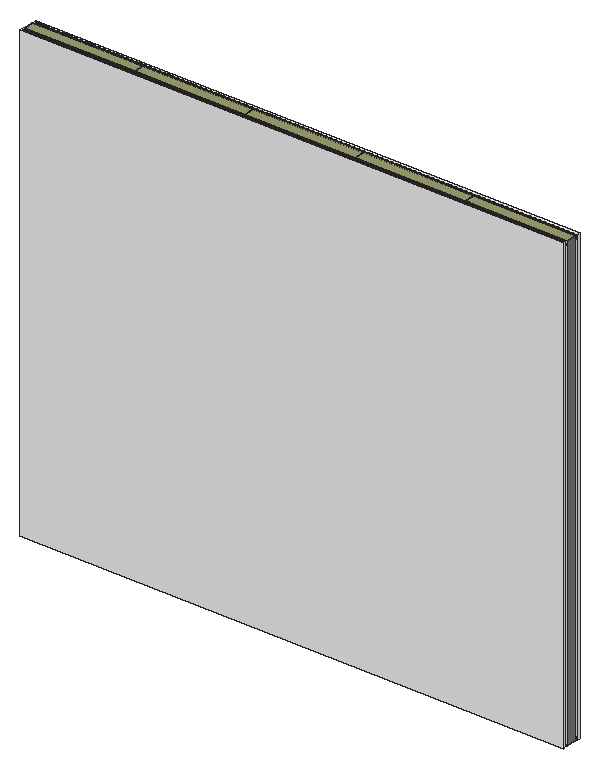
Revit family "NoiseBREAK (R1.7)", category Structural Stiffeners, Revit 2020
Family settings
  OmniClass Number = 23.25.30.11.27
  OmniClass Title = Vibration and Earthquake Controls
  Cut with Voids When Loaded = No
  Shared = No
Parameters (values of type "R1.7- NoiseBREAK")
  URL = "www.ecowool.com.my"
  U-Value W/m2k = 0 mm
  U Value Report = ""
  Typical weight of ECOWOOL-Kg/M2 = 0 mm
  Type of Insulation = "Glass Mineral Wool Blanket with vapour barrier"
  Total System Thickness-mm = 60 mm
  Thermal R Value = 1.7
  Thermal K Value = 0.0342
  SubW [instance] = roundup([built-in parameter 1001306] / 609 mm) * 609 mm  # 3045 mm
  SubL [instance] = if([built-in parameter 1001306] > 1218 mm, No Insulation * 609 mm, if([built-in parameter 1001306] > 609 mm, 609 mm, if([built-in parameter 1001306] > 0 mm, 0 mm, No Insulation * 609 mm))) + 1 mm  # 2437 mm
  Remarks = ""
  No Metal Stud [instance] = ([built-in parameter 1001306] / [Metal Stud Spacer (mm)])  # 5
  No Insulation [instance] = roundup(SubW / 609 mm) - 1  # 4
  Model = "NoiseBREAK"
  Metal Stud Width = [Insulation Thickness (mm)]  # 60 mm
  Metal Stud Spacer (mm) = 609 mm
  Material Specification = ""
  Manufacturer = "PGF Insulation Sdn. Bhd."
  built-in parameter 1001306 [instance] = 3000 mm
  Insulation Length (mm) = 609 mm
  Insulation Thickness (mm) = 60 mm
  Installation and Workmanship- Same for all the system = ""
  Height Wall (mm) = 2500 mm
  Handling and Storage- Same for all system = ""
  Gypsum Thickness (mm) = 12.5 mm
  Finish = NoiseBREAK
  FAQ- Same for all System = ""
  ECOWOOL Product thickness in mm = "60mm x24kg/m3"
  Description = "Ecowool NoiseBREAK is semi-rigid or rigid slabs of non-combustible, water repellent, glass mineral wool. They are designed to suit internal walls and ceiling of residential, commercial and industrial buildings. Excellent thermal, acoustic and fire safety performance."
  Density = 24.00 kg/m³
  AutoCad Drawing = ""
Reference planes
  plane 1 "Center (Front/Back)": y = -12.5
  plane 2: z = 0
  plane 3 "Left": x = 0
  plane 4 "Right": x = 3000
  plane 5: z = 2500
  plane 6: x = 2437
  plane 7: x = 3046
Forms (mm)
  Extrusion 1, solid, material "NoiseBREAK" <- "Finish"
    sketch origin (0, 0, 0) x (1, 0, 0) y (0, 1, 0)
      loop
        line (2437, 17.5) -> (2437, -42.5) -> (3046, -42.5) -> (3046, 17.5) -> (2437, 17.5)
    from 0 to 2500
  Extrusion 2, void
    sketch origin (0, 0, 0) x (1, 0, 0) y (0, 1, 0)
      loop
        line (2999, 17.5) -> (2999, -42.5) -> (3046, -42.5) -> (3046, 17.5) -> (2999, 17.5)
    from -45.694 to 2779.923
Cuts and joins
  Extrusion 2 cuts Extrusion 1
Lines and regions (mm)
  reference lines
    curve 1: line (0, -12.5, 0) -> (3000, -12.5, 0)
Dimensions and locks
  "built-in parameter 1001306": plane 3 "Left" to plane 4 "Right"
  "Height Wall (mm)": plane 5 to level
  equal spacing: group 1, group 2, group 3, group 4, group 5  (x3)
  "Metal Stud Spacer (mm)": plane 3 "Left" to nested 3
  "SubL": plane 3 "Left" to plane 6
  locked: plane 6 to plane 7 at 609
  equal spacing: Extrusion 1 sketch curve, plane 1 "Center (Front/Back)", Extrusion 1 sketch curve
  "Insulation Thickness (mm)": Extrusion 1 sketch curve to Extrusion 1 sketch curve
  equal spacing: Extrusion 1, plane 1 "Center (Front/Back)", Extrusion 2 sketch curve
  "Insulation Thickness (mm)": Extrusion 2 sketch curve to Extrusion 2 sketch curve
  locked: Extrusion 2 sketch curve to plane 4 "Right" at 1
  plane 4 "Right" to plane 7 = 46 mm
  plane 6 to plane 4 "Right" = 563 mm
  equal spacing: group 6, group 7, group 8, group 9  (x3)
  equal spacing: Extrusion 2 sketch curve, Extrusion 2 sketch curve, nested 1
  aligned and locked: plane 4 "Right" to curve 1
  aligned and locked: plane 1 "Center (Front/Back)" to curve 1
  aligned and locked: plane 3 "Left" to curve 1
  aligned and locked: plane 3 "Left" to nested 1
  aligned and locked: plane 4 "Right" to nested 1
  aligned and locked: plane 5 to nested 2
  aligned and locked: plane 3 "Left" to nested 6
  aligned and locked: nested 8 to plane 4 "Right"
  aligned and locked: plane 1 "Center (Front/Back)" to nested 1
  aligned and locked: plane 1 "Center (Front/Back)" to nested 2
  aligned and locked: plane 1 "Center (Front/Back)" to nested 6
  aligned and locked: nested 8 to plane 1 "Center (Front/Back)"
  aligned and locked: nested 10 to nested 2
  aligned and locked: plane 1 "Center (Front/Back)" to nested 10
  aligned and locked: plane 7 to Extrusion 1 sketch curve
  aligned and locked: Extrusion 1 sketch curve to plane 6
  aligned and locked: plane 5 to Extrusion 1
  aligned and locked: Extrusion 1 to level
Automatic sketch dimensions
  Extrusion 2 sketch curve to plane 7 = 0 mm
Nested families
  nested 1: "Gypsum Plasterboard" at (0, -12.5, 0), type "Gypsum Plasterboard"
    with built-in parameter 1001306 3000 mm, Insulation Width 60 mm
  nested 2: "Metal Stud" at (0, -12.5, 0), type "Metal Stud"
    with Metal Stud Width 60 mm
  nested 3: "Metal Stud" at (609, -12.5, 0), type "Metal Stud"
    with Metal Stud Width 60 mm
  nested 4: "Metal Stud" at (1218, -12.5, 0), type "Metal Stud"
    with Metal Stud Width 60 mm
  nested 5: "Metal Stud" at (1827, -12.5, 0), type "Metal Stud"
    with Metal Stud Width 60 mm
  nested 6: "Metal Runner" at (0, -12.5, 0), type "Metal Runner"
    with Metal Runner Width 60 mm, Length Metal Runner 3000 mm
  nested 7: "Metal Runner" at (0, -12.5, 2500) x (1, 0, 0) z (0, 0, -1), type "Metal Runner"
    with Metal Runner Width 60 mm, Length Metal Runner 3000 mm
  nested 8: "Metal Stud" at (3000, -12.5, 0) x (-1, 0, 0) z (0, 0, 1), type "Metal Stud"
    with Metal Stud Width 60 mm
  nested 9: "Metal Stud" at (2436, -12.5, 0), type "Metal Stud"
    with Metal Stud Width 60 mm
  nested 10: "Insulation Brownie" at (1, -12.5, 0), type "Insulation Brownie"
    with Thickness Insulation 60 mm
  nested 11: "Insulation Brownie" at (610, -12.5, 0), type "Insulation Brownie"
    with Thickness Insulation 60 mm
  nested 12: "Insulation Brownie" at (1219, -12.5, 0), type "Insulation Brownie"
    with Thickness Insulation 60 mm
  nested 13: "Insulation Brownie" at (1828, -12.5, 0), type "Insulation Brownie"
    with Thickness Insulation 60 mm
Definition of nested family "Gypsum Plasterboard"
  Parameters (values of type "Gypsum Plasterboard")
    Manufacturer = "Rockwool"
    built-in parameter 1001306 [instance] = 1200 mm
    Insulation Width = 50 mm
    Height Wall = 2500 mm
    Gypsum Thickness = 12.5 mm
    Description = "Double layers wall system - Rigislab 5020"
  Reference planes
    plane 1 "Center (Front/Back)": y = 0
    plane 2: z = 0
    plane 3 "Left": x = 0
    plane 4 "Right": x = 1200
    plane 5: y = 25
    plane 6: y = -25
    plane 7: z = 2500
  Forms (mm)
    Sweep 1, solid
      path origin (0, 0, 0) x (1, 0, 0) y (0, 1, 0)
        loop
          line (0, 0) -> (1200, 0)
      profile origin (600, 0, 0) x (0, 1, 0) y (0, 0, 1)
        loop
          line (-25, 2500) -> (-37.5, 2500) -> (-37.5, 0) -> (-25, 0) -> (-25, 2500)
    Sweep 2, solid
      path origin (0, -12.5, 0) x (1, 0, 0) y (0, 1, 0)
        loop
          line (0, 0) -> (1200, 0)
      profile origin (600, -12.5, 0) x (0, 1, 0) y (0, 0, 1)
        loop
          line (-25, 2500) -> (-37.5, 2500) -> (-37.5, 0) -> (-25, 0) -> (-25, 2500)
    Sweep 3, solid
      path origin (0, 0, 0) x (1, 0, 0) y (0, -1, 0)
        loop
          line (0, 0) -> (1200, 0)
      profile origin (600, 0, 0) x (0, 1, 0) y (0, 0, 1)
        loop
          line (25, 2500) -> (25, 0) -> (37.5, 0) -> (37.5, 2500) -> (25, 2500)
    Sweep 4, solid
      path origin (0, 12.5, 0) x (1, 0, 0) y (0, -1, 0)
        loop
          line (0, 0) -> (1200, 0)
      profile origin (600, 12.5, 0) x (0, 1, 0) y (0, 0, 1)
        loop
          line (25, 2500) -> (25, 0) -> (37.5, 0) -> (37.5, 2500) -> (25, 2500)
  Lines and regions (mm)
    reference lines
      curve 1: line (0, 0, 0) -> (1200, 0, 0)
  Dimensions and locks
    "built-in parameter 1001306": plane 3 "Left" to plane 4 "Right"
    "Insulation Width": plane 6 to plane 5
    "built-in parameter 1001306": Sweep 1 sketch curve to Sweep 1 sketch curve
    "Gypsum Thickness": Sweep 1 sketch curve to Sweep 1 sketch curve
    "Height Wall": level to plane 7
    "built-in parameter 1001306": Sweep 2 sketch curve to Sweep 2 sketch curve
    "Gypsum Thickness": Sweep 2 sketch curve to Sweep 2 sketch curve
    "built-in parameter 1001306": Sweep 3 sketch curve to Sweep 3 sketch curve
    "Gypsum Thickness": Sweep 3 sketch curve to Sweep 3 sketch curve
    "built-in parameter 1001306": Sweep 4 sketch curve to Sweep 4 sketch curve
    "Gypsum Thickness": Sweep 4 sketch curve to Sweep 4 sketch curve
    equal spacing: plane 6, plane 1 "Center (Front/Back)", plane 5
    aligned and locked: plane 4 "Right" to curve 1
    aligned and locked: plane 1 "Center (Front/Back)" to curve 1
    aligned and locked: plane 3 "Left" to curve 1
    aligned and locked: Sweep 1 sketch curve to plane 6
    aligned and locked: Sweep 1 sketch curve to plane 7
    aligned and locked: Sweep 1 to Sweep 2
    aligned and locked: Sweep 4 to Sweep 3
    aligned and locked: plane 5 to Sweep 3
    aligned and locked: Sweep 4 to Sweep 4
    aligned and locked: plane 7 to Sweep 2 sketch curve
    aligned and locked: Sweep 3 sketch curve to plane 7
    aligned and locked: Sweep 4 sketch curve to plane 7
  Automatic sketch dimensions
    plane 1 "Center (Front/Back)" to Sweep 1 sketch curve = 0 mm
    Sweep 1 sketch curve to plane 3 "Left" = 0 mm
    Sweep 1 sketch curve to level = 0 mm
    Sweep 2 sketch curve to plane 3 "Left" = 0 mm
    plane 1 "Center (Front/Back)" to Sweep 2 sketch curve = 12.5 mm
    Sweep 2 sketch curve to level = 0 mm
    profile plane to Sweep 2 sketch curve = 37.5 mm
    plane 1 "Center (Front/Back)" to Sweep 3 sketch curve = 0 mm
    Sweep 3 sketch curve to plane 3 "Left" = 0 mm
    Sweep 3 sketch curve to level = 0 mm
    Sweep 3 sketch curve to profile plane = 25 mm
    Sweep 4 sketch curve to plane 3 "Left" = 0 mm
    plane 1 "Center (Front/Back)" to Sweep 4 sketch curve = 12.5 mm
    Sweep 4 sketch curve to level = 0 mm
    Sweep 4 sketch curve to profile plane = 25 mm
Definition of nested family "Metal Stud"
  Parameters (values of type "Metal Stud")
    Metal Stud Width = 50 mm
    Height = 2500 mm
  Reference planes
    plane 1 "Center (Front/Back)": y = 0
    plane 2: z = 0
    plane 3 "Center (Left/Right)": x = 0
    plane 4 "Center L/S": y = 25
    plane 5 "Center L/T": y = -25
    plane 6: z = 1
    plane 7: z = 2500
    plane 8: z = 2499
  Forms (mm)
    Extrusion 1, solid
      sketch origin (0, 0, 0) x (1, 0, 0) y (0, 1, 0)
        loop
          line (0, 25) -> (0, -25) -> (20, -25) -> (20, -24) -> (1, -24) -> (1, 24) -> (20, 24) -> (20, 25) -> (0, 25)
      from 1 to 2499
  Dimensions and locks
    Extrusion 1 sketch curve to Extrusion 1 sketch curve = 1 mm  (x3)
    locked: plane 8 to plane 7 at 1
    plane 1 "Center (Front/Back)" to Extrusion 1 = 25 mm
    "Height": plane 7 to level
    "Metal Stud Width": plane 5 "Center L/T" to plane 4 "Center L/S"
    equal spacing: plane 5 "Center L/T", plane 1 "Center (Front/Back)", plane 4 "Center L/S"
    locked: plane 6 to plane 2 at 1
    aligned and locked: plane 4 "Center L/S" to Extrusion 1
    aligned and locked: plane 5 "Center L/T" to Extrusion 1
    aligned and locked: plane 3 "Center (Left/Right)" to Extrusion 1
    aligned and locked: Extrusion 1 to plane 6
    aligned and locked: plane 8 to Extrusion 1
  Automatic sketch dimensions
    Extrusion 1 sketch curve to plane 3 "Center (Left/Right)" = 0 mm
    plane 4 "Center L/S" to Extrusion 1 sketch curve = 0 mm
    plane 5 "Center L/T" to Extrusion 1 sketch curve = 0 mm
    Extrusion 1 sketch curve to Extrusion 1 sketch curve = 19 mm  (x2)
Definition of nested family "Metal Runner"
  Parameters (values of type "Metal Runner")
    Metal Runner Width = 48 mm
    Length Metal Runner = 2460 mm
    Default Elevation = 1219.2 mm
  Reference planes
    plane 1 "Center (Front/Back)": y = 0
    plane 2: z = 0
    plane 3 "Center (Left/Right)": x = 0
    plane 4 "Center L/S": y = 24
    plane 5 "Center L/T": y = -24
  Forms (mm)
    Extrusion 1, solid
      sketch origin (0, 0, 0) x (0, 1, 0) y (0, 0, 1)
        loop
          line (24, 0) -> (24, 20) -> (23, 20) -> (23, 1) -> (-23, 1) -> (-23, 20) -> (-24, 20) -> (-24, 0) -> (24, 0)
      from 0 to 2460
  Dimensions and locks
    "Metal Runner Width": plane 5 "Center L/T" to plane 4 "Center L/S"
    equal spacing: plane 5 "Center L/T", plane 1 "Center (Front/Back)", plane 4 "Center L/S"
    Extrusion 1 sketch curve to Extrusion 1 sketch curve = 1 mm  (x3)
    "Length Metal Runner": Extrusion 1 to Extrusion 1
    aligned and locked: plane 4 "Center L/S" to Extrusion 1 sketch curve
    aligned and locked: Extrusion 1 sketch curve to level
    aligned and locked: plane 5 "Center L/T" to Extrusion 1 sketch curve
  Automatic sketch dimensions
    Extrusion 1 sketch curve to Extrusion 1 sketch curve = 19 mm  (x2)
Definition of nested family "Insulation Brownie"
  Parameters (values of type "Insulation Brownie")
    Thickness Insulation = 75 mm
    Length of Insulation = 609 mm
    Height of Insulation = 2500 mm
    Finish = none
  Reference planes
    plane 1 "Center (Front/Back)": y = 0
    plane 2: z = 0
    plane 3 "Center (Left/Right)": x = 0
    plane 4: z = 2500
    plane 5: y = 37.5
    plane 6: y = -37.5
  Forms (mm)
    Sweep 1, solid, material <- "Finish"
      path origin (0, 0, 0) x (1, 0, 0) y (0, 1, 0)
        loop
          line (0, 0) -> (609, 0)
      profile origin (304.5, 0, 0) x (0, 1, 0) y (0, 0, 1)
        loop
          line (37.5, 2500) -> (-37.5, 2500) -> (-37.5, 0) -> (37.5, 0) -> (37.5, 2500)
  Dimensions and locks
    "Length of Insulation": Sweep 1 sketch curve to Sweep 1 sketch curve
    "Height of Insulation": plane 4 to level
    equal spacing: plane 5, plane 1 "Center (Front/Back)", plane 6
    "Thickness Insulation": plane 5 to plane 6
    aligned and locked: plane 3 "Center (Left/Right)" to Sweep 1 sketch curve
    aligned and locked: plane 5 to Sweep 1 sketch curve
    aligned and locked: Sweep 1 sketch curve to plane 6
  Automatic sketch dimensions
    plane 1 "Center (Front/Back)" to Sweep 1 sketch curve = 0 mm
    Sweep 1 sketch curve to level = 0 mm
    Sweep 1 sketch curve to plane 4 = 0 mm
